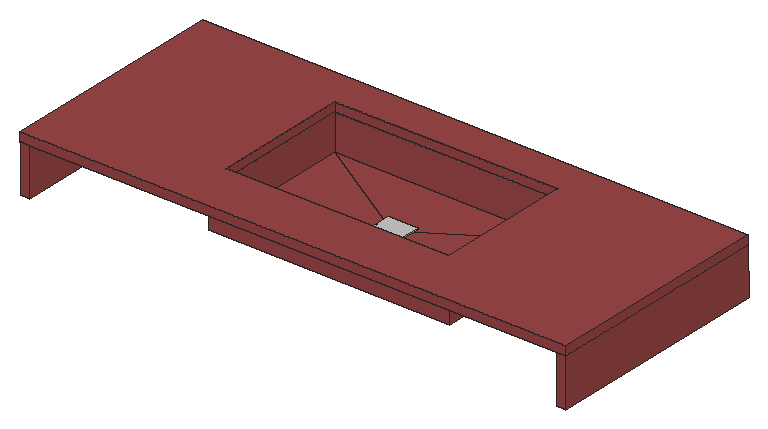
Revit family "Sanitary_Basins_Cosentino_Elegance", category Plumbing Fixtures, host Wall, Revit 2020
Family settings
  Host = Wall
  Round Connector Dimension = Use Diameter
  Part Type = Normal
  Always vertical = Yes
  Cut with Voids When Loaded = No
  Shared = No
  Room Calculation Point = No
Parameters (values of type "Elegance")
  Ι_Wdth Cntrl [instance] = if(Width < 500 mm, 500 mm, if(Width > 600 mm, 600 mm, Width))  # 500 mm
  Ι_Vd Dstnc [instance] = if(Tap Hole, 20 mm, 40 mm)  # 40 mm
  Ι_Lngth Cntrl [instance] = if(Length < 1200 mm, 1200 mm, if(Length > 3000 mm, 3000 mm, Length))  # 1200 mm
  Ι_Ffst 2 [instance] = if(Front Offset < 50 mm, 50 mm, 80 mm)  # 80 mm
  Ι_Ffst [instance] = if((Side Offset < Ι_SO_mn), Ι_SO_mn, if(and((Side Offset > Ι_SO_mx), (Ι_Lngth Cntrl - Side Offset) > (490 mm + Ι_SO_mn)), Ι_SO_mx, if(and((Side Offset > Ι_SO_mx), Side Offset > (Ι_Lngth Cntrl - 490 mm - Ι_SO_mn)), Ι_Lngth Cntrl - 490 mm - Ι_SO_mn, if(and((Ι_Lngth Cntrl - Ι_SO_mn - 490 mm) > Ι_SO_mx, Side Offset > Ι_SO_mx), Ι_SO_mx, if(and((Ι_Lngth Cntrl - Ι_SO_mx - 490 mm) > Ι_SO_mn, Side Offset > Ι_SO_mn), Ι_SO_mn, if((Ι_Lngth Cntrl - Side Offset) < (490 mm + 2 * Ι_SO_mn), Ι_SO_mn, Side Offset))))))  # 355 mm
  Width [instance] = 500 mm
  Vent Connection = no
  URL = "www.cosentino.com"
  Tap Hole [instance] = no
  Standard Edge [instance] = yes
  Side Offset [instance] = 355 mm
  Ι_SO_mn [instance] = if(Standard Edge, 120 mm, 100 mm)  # 120 mm
  Ι_SO_mx [instance] = if(Standard Edge, 2410 mm, 2370 mm)  # 2410 mm
  Product data url = "https://www.bimobject.com/cosentino/product/cosentino-elegance"
  Product Material = Natural Stone - Cosentino - Silestone - Miami White - Polished
  Product Guid = "f0413e1a-1dda-4ab1-a71f-bdc8a69faa3d"
  Model = "Elegance"
  Manufacturer = "Cosentino"
  Length [instance] = 1200 mm
  Keynote = "10800"
  Height [instance] = if(Standard Edge, 125 mm, 120 mm)  # 125 mm
  HW Connection = no
  Front Offset [instance] = 80 mm
  Edition number = 1
  Description = "The basin is one of the stars of your bathroom. Cosentino offers unique designs which fit smoothly into your room, your style, and the needs of your family.\r\n\r\nWhether it’s for a master bathroom or a downstairs WC, we have the perfect product to transform your bathroom into a warm, welcoming space."
  Default Elevation = 0 mm
  CW Connection = no
  Assembly Code = "D2010400"
Reference planes
  plane 1 "Wall": y = 0
  plane 2 "Center (Left/Right)": x = 125
  plane 3 "Back": y = 75
  plane 4: x = -475
  plane 5: x = 725
  plane 6 "Front": y = 575
  plane 7: x = -455
  plane 8: x = 705
  plane 9 "Top": z = 900
  plane 10: x = -120
  plane 11: x = 125
  plane 12: x = 370
  plane 13: y = 495
  plane 14: y = 555
  plane 15: y = 195
  plane 16: y = 345
  plane 17: z = 880
  plane 18: z = 800
  plane 19: z = 780
  plane 20 "Void": z = 860
  plane 21: z = 775
  plane 22: z = 797.5
Forms (mm)
  Extrusion 1, solid, material "Natural Stone - Cosentino - Silestone - Miami White - Polished" <- "Product Material", detail levels medium+fine
    sketch origin (0, 0, 900) x (1, 0, 0) y (0, 1, 0)
      loop
        line (-475, 575) -> (-475, 75) -> (725, 75) -> (725, 575) -> (-475, 575)
      loop
        line (-120, 195) -> (370, 195) -> (370, 495) -> (-120, 495) -> (-120, 195)
    from 0 to -20
  Extrusion 2, void
    sketch origin (0, 0, 900) x (1, 0, 0) y (0, 1, 0)
      loop
        circle (125, 135) r 15.875
    from -40 to -20
  Extrusion 3, solid, material "Natural Stone - Cosentino - Silestone - Miami White - Polished" <- "Product Material", visible <- "Standard Edge", detail levels medium+fine
    sketch origin (0, 0, 900) x (1, 0, 0) y (0, 1, 0)
      loop
        line (-475, 575) -> (-475, 75) -> (-455, 75) -> (-455, 555) -> (705, 555) -> (705, 75) -> (725, 75) -> (725, 575) -> (-475, 575)
    from -20 to -125
  Extrusion 4, solid, not visible
    sketch origin (2359.306, 225, 780) x (1, 0, 0) y (0, 1, 0)
      loop
        circle (-2234.306, 120) r 1
    from 0 to 1
  Extrusion 5, solid, material "Natural Stone - Cosentino - Silestone - Miami White - Polished" <- "Product Material", detail levels fine
    sketch origin (2359.306, 225, 780) x (1, 0, 0) y (0, 1, 0)
      loop
        line (-2499.306, -50) -> (-1969.306, -50) -> (-1969.306, 290) -> (-2499.306, 290) -> (-2499.306, -50)
    from 0 to 20
  Extrusion 6, solid, material "Natural Stone - Cosentino - Silestone - Miami White - Polished" <- "Product Material", detail levels fine
    sketch origin (2359.306, 225, 780) x (1, 0, 0) y (0, 1, 0)
      loop
        line (-2499.306, 290) -> (-2499.306, -50) -> (-1969.306, -50) -> (-1969.306, 290) -> (-2499.306, 290)
      loop
        line (-1989.306, -30) -> (-1989.306, 270) -> (-2479.306, 270) -> (-2479.306, -30) -> (-1989.306, -30)
    from 20 to 100
  Revolve 7, void
    sketch origin (-920.737, 345, 1200) x (-1, 0, 0) y (0, 0, 1)
      loop
        line (-1045.737, -420) -> (-1045.737, -400) -> (-1077.237, -400) -> (-1077.237, -405) -> (-1067.237, -407) -> (-1067.237, -420) -> (-1045.737, -420)
      axis (-1045.737, -420) -> (-1045.737, -400)
    angle from 0 to 360
  Extrusion 8, solid, material "Natural Stone - Cosentino - Silestone - Miami White - Polished" <- "Product Material", detail levels coarse
    sketch origin (2359.306, 225, 780) x (1, 0, 0) y (0, 1, 0)
      loop
        line (-2834.306, 350) -> (-2834.306, -150) -> (-1634.306, -150) -> (-1634.306, 350) -> (-2834.306, 350)
    from -5 to 120
  Extrusion 9, solid, material "Natural Stone - Cosentino - Silestone - Miami White - Polished" <- "Product Material", detail levels medium
    sketch origin (2359.306, 225, 780) x (1, 0, 0) y (0, 1, 0)
      loop
        line (-2499.306, 290) -> (-2499.306, -50) -> (-1969.306, -50) -> (-1969.306, 290) -> (-2499.306, 290)
    from 0 to 17.5
  Extrusion 10, solid, material "Natural Stone - Cosentino - Silestone - Miami White - Polished" <- "Product Material", detail levels medium
    sketch origin (2359.306, 225, 800) x (1, 0, 0) y (0, 1, 0)
      loop
        line (-2499.306, 290) -> (-2499.306, -50) -> (-1969.306, -50) -> (-1969.306, 290) -> (-2499.306, 290)
      loop
        line (-1989.306, -30) -> (-1989.306, 270) -> (-2479.306, 270) -> (-2479.306, -30) -> (-1989.306, -30)
    from -2.5 to 80
  Extrusion 11, void
    sketch origin (2359.306, 225, 775) x (1, 0, 0) y (0, 1, 0)
      loop
        circle (-2234.306, 120) r 15.875
    from 0 to 5
  Blend 12, void
    base sketch origin (2359.306, 225, 800) x (1, 0, 0) y (0, 1, 0)
      loop
        line (-2479.306, 270) -> (-2479.306, -30) -> (-1989.306, -30) -> (-1989.306, 270) -> (-2479.306, 270)
    top sketch origin (2359.306, 225, 800) x (1, 0, 0) y (0, 1, 0)
      loop
        line (-2261.17, 136.448) -> (-2261.17, 103.552) -> (-2207.441, 103.552) -> (-2207.441, 136.448) -> (-2261.17, 136.448)
    from 0 to -2.5
  Extrusion 13, solid, material "Metal - Cosentino - Stainless Steel", detail levels medium+fine
    sketch origin (2359.306, 225, 800) x (1, 0, 0) y (0, 1, 0)
      loop
        line (-2264.806, 87.5) -> (-2203.806, 87.5)
        arc (-2203.806, 87.5) -> (-2202.391, 88.086) -> (-2201.806, 89.5) r 2
        line (-2201.806, 89.5) -> (-2201.806, 150.5)
        arc (-2201.806, 150.5) -> (-2202.391, 151.914) -> (-2203.806, 152.5) r 2
        line (-2203.806, 152.5) -> (-2264.806, 152.5)
        arc (-2264.806, 152.5) -> (-2266.22, 151.914) -> (-2266.806, 150.5) r 2
        line (-2266.806, 150.5) -> (-2266.806, 89.5)
        arc (-2266.806, 89.5) -> (-2266.22, 88.086) -> (-2264.806, 87.5) r 2
    from 0 to -2
Cuts and joins
  Extrusion 2 cuts Extrusion 1
  Revolve 7, Blend 12 cuts Extrusion 5
  Revolve 7 cuts Extrusion 6
  joined: Extrusion 5, Extrusion 6
  Extrusion 11 cuts Extrusion 8
Text (mm)
  text "Placement Side" at (-1848.837, 1116.779, 0), in view "Ref. Level"
  text "Placement side" at (0, 1409.804, 2854.306), in view "Left"
  text "Placement side" at (0, 499.811, 2980.732), in view "Right"
Dimensions and locks
  locked: plane 3 "Back" to host wall
  "Ι_Wdth Cntrl": plane 3 "Back" to plane 6 "Front"
  locked: plane 4 to plane 7 at 20
  locked: plane 8 to plane 5 at 20
  "Ι_Lngth Cntrl": plane 4 to plane 5
  equal spacing: plane 10, plane 11, plane 12
  locked: plane 10 to plane 12 at 490
  "Ι_Ffst 2": plane 6 "Front" to plane 13
  locked: plane 6 "Front" to plane 14 at 20
  equal spacing: plane 13, plane 16, plane 15
  locked: plane 13 to plane 15 at 300
  equal spacing: plane 3 "Back", Extrusion 2 sketch curve, plane 15
  locked: plane 17 to plane 9 "Top" at 20
  locked: plane 19 to plane 18 at 20
  locked: plane 19 to plane 9 "Top" at 120
  "Ι_Vd Dstnc": plane 20 "Void" to plane 9 "Top"
  locked: plane 20 "Void" to Extrusion 2 at 20
  locked: plane 21 to plane 9 "Top" at 125
  "Ι_Ffst": plane 12 to plane 5
  equal spacing: plane 4, plane 2 "Center (Left/Right)", plane 5
  locked: Extrusion 5 sketch curve to plane 10 at 20
  locked: plane 12 to Extrusion 5 sketch curve at 20
  locked: Extrusion 5 sketch curve to plane 13 at 20
  locked: plane 15 to Extrusion 5 sketch curve at 20
  locked: plane 15 to Extrusion 6 sketch curve at 20
  locked: Extrusion 6 sketch curve to plane 13 at 20
  locked: Extrusion 6 sketch curve to plane 10 at 20
  locked: plane 12 to Extrusion 6 sketch curve at 20
  Revolve 7 sketch curve to Revolve 7 sketch curve to plane 11 = 10 mm locked, 21.5 mm locked
  plane 19 to Revolve 7 sketch curve to Revolve 7 sketch curve = 13 mm locked, 2 mm locked
  locked: Extrusion 9 sketch curve to plane 13 at 20
  locked: plane 15 to Extrusion 9 sketch curve at 20
  locked: Extrusion 9 sketch curve to plane 10 at 20
  locked: plane 12 to Extrusion 9 sketch curve at 20
  locked: plane 12 to Extrusion 10 sketch curve at 20
  locked: Extrusion 10 sketch curve to plane 10 at 20
  locked: plane 15 to Extrusion 10 sketch curve at 20
  locked: Extrusion 10 sketch curve to plane 13 at 20
  locked: plane 22 to plane 18 at 2.5
  locked: Extrusion 13 sketch curve to Extrusion 13 sketch curve at 65  (x2)
  equal spacing: Extrusion 13 sketch curve, plane 11, Extrusion 13 sketch curve
  equal spacing: Extrusion 13 sketch curve, plane 16, Extrusion 13 sketch curve
  locked: Extrusion 13 to plane 18 at 2
  Extrusion 13 sketch curve to plane 11 to Extrusion 13 sketch curve = 30.5 mm locked, 30.5 mm locked  (x2)
  Extrusion 13 sketch curve to plane 16 to Extrusion 13 sketch curve = 30.5 mm locked, 30.5 mm locked  (x2)
  Blend 12 sketch curve to plane 11 to Blend 12 sketch curve = 26.865 mm locked, 26.865 mm locked
  Blend 12 sketch curve to plane 16 to Blend 12 sketch curve = 16.448 mm locked, 16.448 mm locked
  aligned and locked: plane 1 "Wall" to host wall
  aligned and locked: Extrusion 1 sketch curve to plane 3 "Back"
  aligned and locked: Extrusion 1 sketch curve to plane 6 "Front"
  aligned and locked: plane 5 to Extrusion 1 sketch curve
  aligned and locked: plane 4 to Extrusion 1 sketch curve
  aligned and locked: Extrusion 1 sketch curve to plane 15
  aligned and locked: Extrusion 1 sketch curve to plane 10
  aligned and locked: plane 13 to Extrusion 1 sketch curve
  aligned and locked: plane 12 to Extrusion 1 sketch curve
  aligned and locked: plane 11 to Extrusion 2 sketch curve
  aligned and locked: Extrusion 1 to plane 17
  aligned and locked: Extrusion 2 to plane 20 "Void"
  aligned and locked: plane 6 "Front" to Extrusion 3 sketch curve
  aligned and locked: Extrusion 3 sketch curve to plane 4
  aligned and locked: plane 7 to Extrusion 3 sketch curve
  aligned and locked: Extrusion 3 sketch curve to plane 14
  aligned and locked: Extrusion 3 sketch curve to plane 5
  aligned and locked: plane 8 to Extrusion 3 sketch curve
  aligned and locked: plane 3 "Back" to Extrusion 3 sketch curve  (x2)
  aligned and locked: plane 17 to Extrusion 3
  aligned and locked: Extrusion 3 to plane 21
  aligned and locked: plane 11 to Extrusion 4 sketch curve
  aligned and locked: plane 16 to Extrusion 4 sketch curve
  aligned and locked: plane 18 to Extrusion 5
  aligned and locked: plane 10 to Extrusion 6 sketch curve
  aligned and locked: Extrusion 6 sketch curve to plane 13
  aligned and locked: Extrusion 6 sketch curve to plane 12
  aligned and locked: plane 15 to Extrusion 6 sketch curve
  aligned and locked: plane 17 to Extrusion 6
  aligned and locked: Extrusion 6 to plane 18
  aligned and locked: Revolve 7 sketch curve to plane 11  (x2)
  aligned and locked: plane 19 to Revolve 7 sketch curve
  aligned and locked: plane 18 to Revolve 7 sketch curve
  aligned and locked: plane 5 to Extrusion 8 sketch curve
  aligned and locked: Extrusion 8 sketch curve to plane 3 "Back"
  aligned and locked: Extrusion 8 sketch curve to plane 6 "Front"
  aligned and locked: plane 4 to Extrusion 8 sketch curve
  aligned and locked: Extrusion 8 to plane 21
  aligned and locked: plane 9 "Top" to Extrusion 8
  aligned and locked: plane 10 to Extrusion 10 sketch curve
  aligned and locked: Extrusion 10 sketch curve to plane 13
  aligned and locked: Extrusion 10 sketch curve to plane 12
  aligned and locked: plane 15 to Extrusion 10 sketch curve
  aligned and locked: plane 17 to Extrusion 10
  aligned and locked: plane 11 to Extrusion 11 sketch curve
  aligned and locked: plane 16 to Extrusion 11 sketch curve
  aligned and locked: plane 19 to Extrusion 11
  aligned and locked: Blend 12 sketch curve to plane 12
  aligned and locked: plane 15 to Blend 12 sketch curve
  aligned and locked: Blend 12 sketch curve to plane 13
  aligned and locked: plane 10 to Blend 12 sketch curve
  aligned and locked: Blend 12 to plane 22
  aligned and locked: plane 22 to Extrusion 9
  aligned and locked: Extrusion 10 to plane 22
Automatic sketch dimensions
  Revolve 7 sketch curve to plane 21 = 200 mm
  plane 9 "Top" to Revolve 7 sketch curve = 340 mm
  radius of Extrusion 2 sketch curve = 15.875 mm
  radius of Extrusion 4 sketch curve = 1 mm
  radius of Extrusion 11 sketch curve = 15.875 mm
Connectors
  piping at (125, 345, 780), diameter 35
    settings: on Extrusion 4, index 1, connector inside diameter 609.6 mm, connector length 0 mm, flow factor 0, pipe flow 0.0 L/s, pressure drop 0.0 Pa, fitting loss kfactor 0, connector angle 0.00°, fixture units 0, engagement length 0 mm, angle of deflection 0.00°, flow configuration 3, flow direction 2, fitting loss method 0, system type 16, joint type 0, gender type 0, connector reference index -1, connector utility 0, adjustable connector no, is connector primary yes, connector description ""
